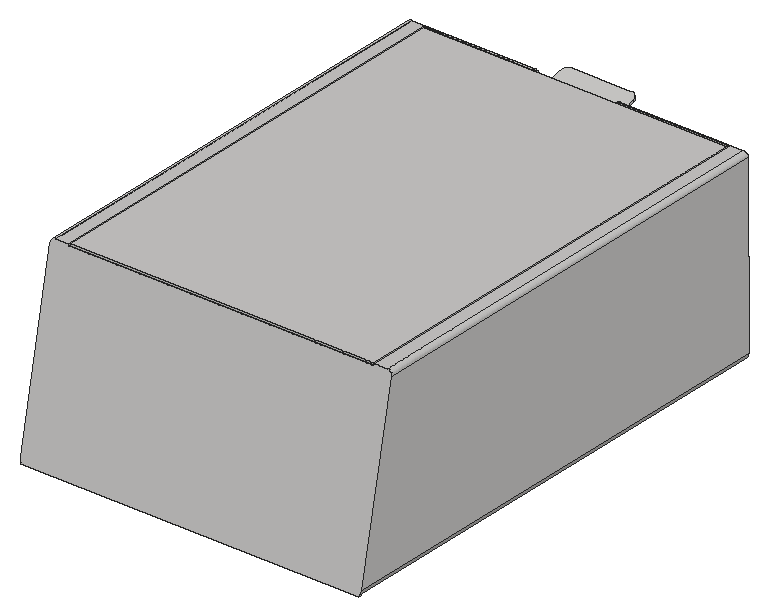
Revit family "PRD_FrankeWS_WasteBins_EXOSHygieneWasteBin_EXOS611X,611B,611W", category Furniture, host Face, Revit 2018
Family settings
  Host = Face
  OmniClass Number = 23.40.20.31.11
  OmniClass Title = Bins
  Cut with Voids When Loaded = No
  Shared = No
  Room Calculation Point = No
Parameters (values of type "EXOS611X")
  WasteBinMaterial = PRD_AR_StainlessSteel_SatinFinished
  WasteBinFrontMaterial = PRD_AR_StainlessSteel_SatinFinished
  WarrantyStartDate [instance] = "1900-12-31T23:59:59"
  WarrantyGuarantorParts = "n/a"
  WarrantyGuarantorLabor = "n/a"
  WarrantyDurationUnit = "year"
  WarrantyDurationParts = "n/a"
  WarrantyDurationLabor = "n/a"
  WarrantyDescription = "n/a"
  Version = "1"
  Uniclass2015Version = "Products v1.10"
  Uniclass2015Title = "Waste bins"
  Uniclass2015Code = "Pr_40_50_07_96"
  URL = "www.kwc.com"
  TagNumber [instance] = "n/a"
  SustainabilityPerformance = "n/a"
  SurfaceTreatment = "InoxPlus (anti fingerprint)"
  Style = "Waste bin"
  Size = "230x346x125 mm"
  Shape = "n/a"
  SerialNumber [instance] = "n/a"
  Revision = "n/a"
  ReplacementCost = "n/a"
  ProductInformation = "https://pim.kwc.com/product/2030028001/attachment/datasheet?locale=en"
  NominalWidth = 230.00 mm
  NominalHeight = 346.00 mm
  NominalDepth = 125.00 mm
  NetWeight = 3.38 kg
  Name = "EXOS Hygiene waste bin EXOS611X"
  NBSTypeID = "n/a"
  NBSReference = "45-35-72/380"
  NBSOfficeMasterTag = "n/a"
  NBSNote = "n/a"
  NBSDescription = "Waste bins"
  NBSCertification = "n/a"
  ModelReference = "EXOS611X"
  ModelNumber = "2030028001"
  Model = ModelReference  # "EXOS611X"
  Materials = "Stainless steel 1.4301"
  Material = "Stainless steel"
  ManufacturerURL = "www.kwc.com"
  ManufacturerName = "KWC Group AG"  # constant formula
  Manufacturer = ManufacturerName  # "KWC Group AG"
  MainColor = "Stainless steel"
  Lock = "no lock"
  Lid = "yes"
  IntegralAccessories = "includes mounting materials"
  InstallationDate [instance] = "1900-12-31T23:59:59"
  IfcExportType = "NOTDEFINED"
  IfcExportAs = "IfcFurnitureType"
  GrossWeight = 4.29 kg
  Grade = "n/a"
  Form = "Wall mounted"
  FinishAndColour = "Stainless steel, satin finished"
  Finish = "Satin finished"
  FillingVolume = "3.70 liter"
  Features = "Hygiene waste bin, stainless steel, 1.20 mm, satin finished, for wall mounting"
  ExpectedLife = "n/a"
  DurationUnit = "year"
  Description = "Hygiene waste bin for wall mounting, stainless steel with satin finish and InoxPlus surface refinement for the reduction of finger marks and better cleaning characteristics (easy to clean), material thickness 1.2 mm, capacity approx. 3.7 litres, hinged self-closing front, integrated plastic container for waste removal, includes mounting materials."
  Default Elevation = 820.00 mm
  CreateOn = "11/2018"  # constant formula
  Constituents = "n/a"
  Color = "Stainless steel"
  CodePerformance = "n/a"
  Category = "Pr_40_50_07_96, Waste bins"
  BarCode [instance] = "n/a"
  BagHolder = "no"
  BIMObjectName = "PRD_AR_WasteBins_EXOSHygieneWasteBin_EXOS611X"
  Author = "Archispace"  # constant formula
  AssetType = "Fixed"
  AssetIdentifier [instance] = "n/a"
  AccessibilityPerformance = "n/a"
Types (3, lengths in mm): name | WasteBinFrontMaterial | NetWeight | Name | ModelReference | ModelNumber | Model | GrossWeight | Description | BIMObjectName
  EXOS611B | PRD_AR_Glass_Black | 3.82 kg | "EXOS Hygiene waste bin EXOS611B" | "EXOS611B" | "2030030108" | "EXOS611B" | 4.85 kg | "Hygiene waste bin for wall mounting, stainless steel with satin finish, black safety glass front panel and casing with InoxPlus surface refinement for the reduction of finger marks and better cleaning characteristics (easy to clean), material thickness 1.2 mm, capacity approx. 3.7 litres, hinged self-closing front, integrated plastic container for waste removal, includes mounting materials." | "PRD_AR_WasteBins_EXOSHygieneWasteBin_EXOS611B"
  EXOS611X | PRD_AR_StainlessSteel_SatinFinished | 3.38 kg | "EXOS Hygiene waste bin EXOS611X" | "EXOS611X" | "2030028001" | "EXOS611X" | 4.29 kg | "Hygiene waste bin for wall mounting, stainless steel with satin finish and InoxPlus surface refinement for the reduction of finger marks and better cleaning characteristics (easy to clean), material thickness 1.2 mm, capacity approx. 3.7 litres, hinged self-closing front, integrated plastic container for waste removal, includes mounting materials." | "PRD_AR_WasteBins_EXOSHygieneWasteBin_EXOS611X"
  EXOS611W | PRD_AR_Glass_White | 3.82 kg | "EXOS Hygiene waste bin EXOS611W" | "EXOS611W" | "2030030111" | "EXOS611W" | 4.85 kg | "Hygiene waste bin for wall mounting, stainless steel with satin finish,white safety glass front panel and casing with InoxPlus surface refinement for the reduction of finger marks and better cleaning characteristics (easy to clean), material thickness 1.2 mm, capacity approx. 3.7 litres, hinged self-closing front, integrated plastic container for waste removal, includes mounting materials." | "PRD_AR_WasteBins_EXOSHygieneWasteBin_EXOS611W"
Reference planes
  plane 1 "Center (Front/Back)": y = 0
  plane 2: z = 0
  plane 3 "Center (Left/Right)": x = 0
Forms (mm)
  Extrusion 1, solid, material "PRD_AR_StainlessSteel_SatinFinished" <- "WasteBinMaterial", detail levels fine
    sketch origin (0, 0, 0) x (1, 0, 0) y (0, 0, 1)
      loop
        line (115, 3.4) -> (115, 121.769)
        arc (115, 121.769) -> (114.004, 124.174) -> (111.6, 125.169) r 3.4
        line (111.6, 125.169) -> (103, 125.169) -> (103, 123.969) -> (111.6, 123.969)
        arc (111.6, 123.969) -> (113.156, 123.325) -> (113.8, 121.769) r 2.2
        line (113.8, 121.769) -> (113.8, 3.569)
        arc (113.8, 3.569) -> (113.156, 2.014) -> (111.6, 1.369) r 2.2
        line (111.6, 1.369) -> (-111.6, 1.369)
        arc (-111.6, 1.369) -> (-113.156, 2.014) -> (-113.8, 3.569) r 2.2
        line (-113.8, 3.569) -> (-113.8, 121.769)
        arc (-113.8, 121.769) -> (-113.156, 123.325) -> (-111.6, 123.969) r 2.2
        line (-111.6, 123.969) -> (-103, 123.969) -> (-103, 125.169) -> (-111.6, 125.169)
        arc (-111.6, 125.169) -> (-114.004, 124.174) -> (-115, 121.769) r 3.4
        line (-115, 121.769) -> (-115, 3.4)
        arc (-115, 3.4) -> (-114.004, 0.996) -> (-111.6, 0) r 3.4
        line (-111.6, 0) -> (111.6, 0)
        arc (111.6, 0) -> (114.004, 0.996) -> (115, 3.4) r 3.4
    from 0 to 326.07
  Extrusion 2, void
    sketch origin (0, 0, 0) x (0, 1, 0) y (0, 0, 1)
      loop
        line (-299.464, 125.169) -> (-326.07, 125.169) -> (-326.07, 0) -> (-299.464, 125.169)
    from -115 to 115
  Extrusion 3, solid, material "PRD_AR_StainlessSteel_SatinFinished" <- "WasteBinMaterial", detail levels fine
    sketch origin (0, 0, 0) x (1, 0, 0) y (0, 0, 1)
      loop
        arc (111.6, 1.369) -> (113.156, 2.014) -> (113.8, 3.569) r 2.2
        line (113.8, 3.569) -> (113.8, 121.769)
        arc (113.8, 121.769) -> (113.156, 123.325) -> (111.6, 123.969) r 2.2
        line (111.6, 123.969) -> (102.9, 123.969) -> (102.9, 125.169) -> (29, 125.169)
        arc (29, 125.169) -> (26.879, 124.291) -> (26, 122.169) r 3
        line (26, 122.169) -> (26, 116.669) -> (-26, 116.669) -> (-26, 122.169)
        arc (-26, 122.169) -> (-26.879, 124.291) -> (-29, 125.169) r 3
        line (-29, 125.169) -> (-102.9, 125.169) -> (-102.9, 123.969) -> (-111.6, 123.969)
        arc (-111.6, 123.969) -> (-113.156, 123.325) -> (-113.8, 121.769) r 2.2
        line (-113.8, 121.769) -> (-113.8, 3.569)
        arc (-113.8, 3.569) -> (-113.156, 2.014) -> (-111.6, 1.369) r 2.2
        line (-111.6, 1.369) -> (111.6, 1.369)
    from 0 to 1.2
  Extrusion 4, solid, material "PRD_AR_StainlessSteel_SatinFinished" <- "WasteBinMaterial", detail levels fine
    sketch origin (0, 0, 0) x (0, 1, 0) y (0, 0, 1)
      loop
        line (-326.07, 0) -> (-324.843, 0) -> (-298.492, 123.969) -> (-299.719, 123.969) -> (-326.07, 0)
    from -113.8 to 113.8
  Extrusion 5, solid, material "PRD_AR_StainlessSteel_SatinFinished" <- "WasteBinFrontMaterial", detail levels fine
    sketch origin (0, 0, 0) x (1, 0, 0) y (0, 0, 1)
      loop
        line (-102, 125.169) -> (-102, 121.169) -> (102, 121.169) -> (102, 125.169) -> (-102, 125.169)
    from 2.2 to 299.2
  Extrusion 6, solid, material "PRD_AR_StainlessSteel_SatinFinished" <- "WasteBinMaterial", detail levels fine
    sketch origin (0, 0, 0) x (0, 1, 0) y (0, 0, 1)
      loop
        line (-1.2, 120.234) -> (-1.2, 118.91) -> (7.391, 114.904)
        arc (7.391, 114.904) -> (8.679, 114.588) -> (9.99, 114.79) r 3.4
        line (9.99, 114.79) -> (20.46, 118.601) -> (20.05, 119.729) -> (9.58, 115.918)
        arc (9.58, 115.918) -> (8.732, 115.787) -> (7.898, 115.991) r 2.2
        line (7.898, 115.991) -> (-1.2, 120.234)
    from -25 to 25
  Extrusion 7, solid, material "PRD_AR_StainlessSteel_SatinFinished" <- "WasteBinMaterial", detail levels fine
    sketch origin (0, 0, 0) x (0, 1, 0) y (0, 0, 1)
      loop
        line (-1.2, 123.969) -> (-2.2, 123.969) -> (-2.2, 110.656) -> (-1.2, 110.656) -> (-1.2, 123.969)
    from -103 to 103
  Sweep 8, void
    path in 3D
      loop
        line (25, 20.46, 118.601) -> (25, 20.05, 119.729)
    profile origin (25, 20.255, 119.165) x (0, -0.939693, -0.34202) y (1, 0, 0)
      loop
        line (0, 0) -> (0, -5)
        arc (0, -5) -> (1.464, -1.464) -> (5, 0) r 5
        line (5, 0) -> (0, 0)
  Sweep 9, void
    path in 3D
      loop
        line (-25, 20.46, 118.601) -> (-25, 20.05, 119.729)
    profile origin (-25, 20.255, 119.165) x (0, 0.939693, 0.34202) y (-1, 0, 0)
      loop
        line (0, 0) -> (-5, 0)
        arc (-5, 0) -> (-1.464, -1.464) -> (0, -5) r 5
        line (0, -5) -> (0, 0)
  Extrusion 10, solid, material "PRD_AR_StainlessSteel_SatinFinished" <- "WasteBinMaterial", detail levels medium
    sketch origin (0, 0, 0) x (0, 1, 0) y (0, 0, 1)
      loop
        line (0, 0) -> (0, 125.169) -> (-299.464, 125.169) -> (-326.07, 0) -> (0, 0)
    from -115 to 115
  Extrusion 11, solid, material "PRD_AR_StainlessSteel_SatinFinished" <- "WasteBinMaterial", detail levels coarse
    sketch origin (0, 0, 0) x (0, 1, 0) y (0, 0, 1)
      loop
        line (0, 125.169) -> (-326.07, 125.169) -> (-326.07, 0) -> (0, 0) -> (0, 125.169)
    from -115 to 115
Cuts and joins
  Extrusion 2, Sweep 9 cuts Extrusion 1
  Sweep 9 cuts Extrusion 4
  Sweep 8, Sweep 9 cuts Extrusion 6
  Sweep 9 cuts Extrusion 7
  joined: Extrusion 1, Extrusion 4, Extrusion 6, Extrusion 7
Lines and regions (mm)
  sketch lines
    curve 1: line (25, 20.46, 118.601) -> (25, 20.05, 119.729)
    curve 2: line (-25, 20.46, 118.601) -> (-25, 20.05, 119.729)
Dimensions and locks
  aligned and locked: plane 2 to host face
  aligned and locked: level to host face
